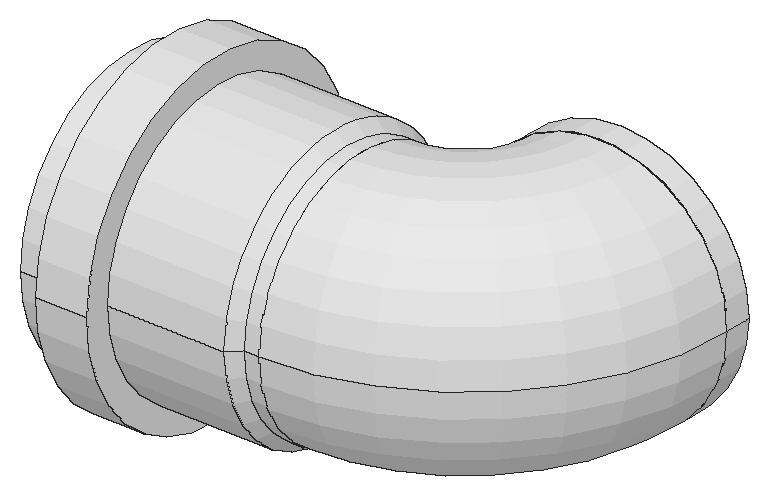
Revit family "Joelho_90_45", category Pipe Fittings, Revit 2025
Family settings
  Round Connector Dimension = Use Radius
  Part Type = Elbow
  Work Plane-Based = No
  Always vertical = Yes
  Cut with Voids When Loaded = No
  Shared = No
Parameters (values of type "Standard")
  Ângulo [instance] = 90.00°
  built-in parameter 1114242 [instance] = (empty or 0)
  URL = "http://www.tigre.com.br"
  Type Comments = ""
  Tigre: Sistema = "Esgoto"  # constant formula
  Tigre: Norma = ""
  Tigre: Material = "PVC Branco"  # constant formula
  Tigre: Marcador [instance] = "00"
  Tigre: Link do Produto = "http://www.tigre.com.br/pt/produtos_unico.php?rcr_id=4&cpr_id=10&cpr_id_pai=4&lnh_id=9&prd_id=705"
  Tigre: Linha = "Série Normal"  # constant formula
  Tigre: Fabricante = "© Tigre S/A"  # constant formula
  Tigre: Descrição [instance] = if(and(Diâmetro Nominal = 40.00 mm, Ângulo > 85.00°, Ângulo < 95.00°), "Joelho 90º 40mm, Esgoto Série Normal - TIGRE", if(and(Diâmetro Nominal = 50.00 mm, Ângulo > 85.00°, Ângulo < 95.00°), "Joelho 90º 50mm, Esgoto Série Normal - TIGRE", if(and(Diâmetro Nominal = 75.00 mm, Ângulo > 85.00°, Ângulo < 95.00°), "Joelho 90º 75mm, Esgoto Série Normal - TIGRE", if(and(Diâmetro Nominal = 100.00 mm, Ângulo > 85.00°, Ângulo < 95.00°), "Joelho 90º 100mm, Esgoto Série Normal - TIGRE", if(and(Diâmetro Nominal = 150.00 mm, Ângulo > 85.00°, Ângulo < 95.00°), "Joelho 90º 150mm, Esgoto Série Normal - TIGRE", if(and(Diâmetro Nominal = 200.00 mm, Ângulo > 85.00°, Ângulo < 95.00°), "Joelho 90º 200mm, Esgoto Série Normal - TIGRE", if(and(Diâmetro Nominal = 40.00 mm, Ângulo > 40.00°, Ângulo < 50.00°), "Joelho 45º 40mm, Esgoto Série Normal - TIGRE", if(and(Diâmetro Nominal = 50.00 mm, Ângulo > 40.00°, Ângulo < 50.00°), "Joelho 45º 50mm, Esgoto Série Normal - TIGRE", if(and(Diâmetro Nominal = 75.00 mm, Ângulo > 40.00°, Ângulo < 50.00°), "Joelho 45º 75mm, Esgoto Série Normal - TIGRE", if(and(Diâmetro Nominal = 100.00 mm, Ângulo > 40.00°, Ângulo < 50.00°), "Joelho 45º 100mm, Esgoto Série Normal - TIGRE", if(and(Diâmetro Nominal = 150.00 mm, Ângulo > 40.00°, Ângulo < 50.00°), "Joelho 45º 150mm, Esgoto Série Normal - TIGRE", if(and(Diâmetro Nominal = 200.00 mm, Ângulo > 40.00°, Ângulo < 50.00°), "Joelho 45º 200mm, Esgoto Série Normal - TIGRE", "Produto Inexistente"))))))))))))  # "Joelho 90º 50mm, Esgoto Série Normal - TIGRE"
  Tigre: Código com Separador [instance] = if(and(Diâmetro Nominal = 40.00 mm, Ângulo > 85.00°, Ângulo < 95.00°), "27.56.040.7", if(and(Diâmetro Nominal = 50.00 mm, Ângulo > 85.00°, Ângulo < 95.00°), "26.24.050.6", if(and(Diâmetro Nominal = 75.00 mm, Ângulo > 85.00°, Ângulo < 95.00°), "26.24.075.1", if(and(Diâmetro Nominal = 100.00 mm, Ângulo > 85.00°, Ângulo < 95.00°), "26.24.100.6", if(and(Diâmetro Nominal = 150.00 mm, Ângulo > 85.00°, Ângulo < 95.00°), "26.24.150.2", if(and(Diâmetro Nominal = 200.00 mm, Ângulo > 85.00°, Ângulo < 95.00°), "26.24.151.0", if(and(Diâmetro Nominal = 40.00 mm, Ângulo > 40.00°, Ângulo < 50.00°), "27.55.040.1", if(and(Diâmetro Nominal = 50.00 mm, Ângulo > 40.00°, Ângulo < 50.00°), "26.21.050.0", if(and(Diâmetro Nominal = 75.00 mm, Ângulo > 40.00°, Ângulo < 50.00°), "26.21.075.5", if(and(Diâmetro Nominal = 100.00 mm, Ângulo > 40.00°, Ângulo < 50.00°), "26.21.100.0", if(and(Diâmetro Nominal = 150.00 mm, Ângulo > 40.00°, Ângulo < 50.00°), "26.21.150.6", if(and(Diâmetro Nominal = 200.00 mm, Ângulo > 40.00°, Ângulo < 50.00°), "26.21.203.0", "Produto ou Código Inexistente"))))))))))))  # "26.24.050.6"
  Tigre: Código [instance] = if(and(Diâmetro Nominal = 40.00 mm, Ângulo > 85.00°, Ângulo < 95.00°), 27560407, if(and(Diâmetro Nominal = 50.00 mm, Ângulo > 85.00°, Ângulo < 95.00°), 26240506, if(and(Diâmetro Nominal = 75.00 mm, Ângulo > 85.00°, Ângulo < 95.00°), 26240751, if(and(Diâmetro Nominal = 100.00 mm, Ângulo > 85.00°, Ângulo < 95.00°), 26241006, if(and(Diâmetro Nominal = 150.00 mm, Ângulo > 85.00°, Ângulo < 95.00°), 26241502, if(and(Diâmetro Nominal = 200.00 mm, Ângulo > 85.00°, Ângulo < 95.00°), 26241510, if(and(Diâmetro Nominal = 40.00 mm, Ângulo > 40.00°, Ângulo < 50.00°), 27550401, if(and(Diâmetro Nominal = 50.00 mm, Ângulo > 40.00°, Ângulo < 50.00°), 26210500, if(and(Diâmetro Nominal = 75.00 mm, Ângulo > 40.00°, Ângulo < 50.00°), 26210755, if(and(Diâmetro Nominal = 100.00 mm, Ângulo > 40.00°, Ângulo < 50.00°), 26211000, if(and(Diâmetro Nominal = 150.00 mm, Ângulo > 40.00°, Ângulo < 50.00°), 26211506, if(and(Diâmetro Nominal = 200.00 mm, Ângulo > 40.00°, Ângulo < 50.00°), 26212030, 0))))))))))))  # 26240506
  Tigre: Comentários [instance] = ""
  Luva Esquerda [instance] = and(and(not(Ligação em Conexão), Bolsa Esquerda), not(Diâmetro Nominal = 40.00 mm))  # yes
  Luva Direita [instance] = and(and(not(Ligação em Conexão), Bolsa Direita), not(Diâmetro Nominal = 40.00 mm))  # no
  Lookup Table Name = "Joelho 45_90 - Serie Normal - Esgoto - MEP - Tigre"
  Linha Esquerda [instance] = and(Bolsa Esquerda, Ligação em Conexão)  # no
  Linha Direita [instance] = and(Bolsa Direita, Ligação em Conexão)  # no
  Ligação em Conexão [instance] = no
  Inverter Sentido da Luva [instance] = no
  Representação Unifilar [instance] = Diâmetro Nominal * 0.2  # 10 mm
  Raio da Bolsa [instance] = size_lookup(Lookup Table Name, "RaioB", 0.5515 * Diâmetro Nominal + 2.63 mm, Diâmetro Nominal)  # 32 mm
  Raio Nominal [instance] = 25 mm
  Raio Externo 3 [instance] = Diâmetro Externo 3 / 2  # 25 mm
  Raio Externo 2 [instance] = Diâmetro Externo 2 / 2  # 27 mm
  Raio Externo 1 [instance] = Diâmetro Externo 1 / 2  # 25 mm
  Raio Central [instance] = size_lookup(Lookup Table Name, "RCen", 0.5193 * Diâmetro Nominal + 0.10 mm, Diâmetro Nominal)  # 26 mm
  Model = ""
  Manufacturer = Tigre: Fabricante  # "© Tigre S/A"
  Loss Method = Not Defined
  K Coefficient Table = "Regular 45, 90 and 180 Elbow"
  Description = "Joelho 45º/90º, Esgoto Série Normal - TIGRE"
  Default Elevation = 0.00 mm
  Bolsa Esquerda [instance] = or(not(Bolsa Direita), Diâmetro Nominal = 40.00 mm)  # yes
  Bolsa Direita [instance] = or(Inverter Sentido da Luva, Diâmetro Nominal = 40.00 mm)  # no
  Anel Esquerdo [instance] = or(and(Bolsa Esquerda, Diâmetro Nominal > 40.00 mm))  # yes
  Anel Direito [instance] = or(and(Bolsa Direita, Diâmetro Nominal > 40.00 mm))  # no
  Ajuste Conector Esquerda [instance] = if(and(Bolsa Direita, Ligação em Conexão), Cota B, Cota B2 + Cota B3)  # 5.20 mm
  Ajuste Conector Direita [instance] = if(and(Bolsa Esquerda, Ligação em Conexão), Cota B, Cota B2 + Cota B3)  # 5.20 mm
  Acabamento [instance] = none
  Diâmetro Nominal [instance] = Raio Nominal * 2  # 50 mm
  Diâmetro Externo 3 [instance] = size_lookup(Lookup Table Name, "DE3", 0.9915 * Diâmetro Nominal + 1.30 mm, Diâmetro Nominal)  # 50 mm
  Diâmetro Externo 2 [instance] = size_lookup(Lookup Table Name, "DE2", 1.03 * Diâmetro Nominal + 2.16 mm, Diâmetro Nominal)  # 54 mm
  Diâmetro Externo 1 [instance] = size_lookup(Lookup Table Name, "DE1", Diâmetro Nominal, Diâmetro Nominal)  # 50 mm
  Cota C3 [instance] = size_lookup(Lookup Table Name, "CotC3", 0.0086 * Diâmetro Nominal + 0.73 mm, Diâmetro Nominal)  # 1.3 mm
  Cota C2 [instance] = size_lookup(Lookup Table Name, "CotC2", 0.0897 * Diâmetro Nominal + 2.72 mm, Diâmetro Nominal)  # 10 mm
  Cota C1 [instance] = size_lookup(Lookup Table Name, "CotC1", 0.119 * Diâmetro Nominal + 6.64 mm, Diâmetro Nominal)  # 17 mm
  Cota B3 [instance] = size_lookup(Lookup Table Name, "CotB3", 0.0183 * Diâmetro Nominal + 1.08 mm, Diâmetro Nominal)  # 2.2 mm
  Cota B2 [instance] = size_lookup(Lookup Table Name, "CotB2", 0.0361 * Diâmetro Nominal + 0.27 mm, Diâmetro Nominal)  # 3 mm
  Cota B1 [instance] = size_lookup(Lookup Table Name, "CotB1", 0.3051 * Diâmetro Nominal + 17.31 mm, Diâmetro Nominal)  # 40 mm
  Cota B [instance] = Cota B1 + Cota B2 + Cota B3  # 45.2 mm
  Centro a Face Externa [instance] = Raio Central * tan(Ângulo / 2)  # 26 mm
Reference planes
  plane 1 "Center (Front/Back)": y = 0
  plane 2: z = 0
  plane 3 "Center (Left/Right)": x = 0
  plane 4: y = 26
  plane 5: x = -26
Forms (mm)
  Sweep 1, solid, material "PVC", visible <- "Bolsa Esquerda", detail levels fine
    path in 3D
      loop
        line (-26, 0, 0) -> (-29, 0, 0)
    profile origin (-27.5, 0, 0) x (0, -1, 0) y (0, 0, 1)
      loop
        circle (0, 0) r 25
  SweptBlend 2, solid, material "PVC", visible <- "Bolsa Esquerda", detail levels fine
    path in 3D
      loop
        line (-29, 0, 0) -> (-31.2, 0, 0)
    profile origin (-29, 0, 0) x (0, -1, 0) y (0, 0, 1)
      loop
        circle (0, 0) r 25
    end profile origin (-31.2, 0, 0) x (0, -1, 0) y (0, 0, 1)
      loop
        circle (0, 0) r 27
  Sweep 3, solid, material "PVC", visible <- "Bolsa Esquerda", detail levels fine
    path in 3D
      loop
        line (-31.2, 0, 0) -> (-71.2, 0, 0)
    profile origin (-51.2, 0, 0) x (0, -1, 0) y (0, 0, 1)
      loop
        circle (0, 0) r 25
      loop
        circle (0, 0) r 27
  Sweep 4, solid, material "PVC", visible <- "Anel Esquerdo", detail levels fine
    path in 3D
      loop
        line (-54.2, 0, 0) -> (-64.2, 0, 0)
    profile origin (-59.2, 0, 0) x (0, -1, 0) y (0, 0, 1)
      loop
        circle (0, 0) r 27
      loop
        circle (0, 0) r 32
  SweptBlend 5, solid, material "PVC", visible <- "Anel Esquerdo", detail levels fine
    path in 3D
      loop
        line (-64.2, 0, 0) -> (-65.5, 0, 0)
    profile origin (-64.2, 0, 0) x (0, -1, 0) y (0, 0, 1)
      loop
        circle (0, 0) r 32
    end profile origin (-65.5, 0, 0) x (0, -1, 0) y (0, 0, 1)
      loop
        circle (0, 0) r 27
  Sweep 6, solid, material "PVC", visible <- "Bolsa Esquerda", detail levels fine
    path in 3D
      loop
        arc (-26, 0, 0) -> (-7.615, 7.615, 0) -> (0, 26, 0) r 26
    profile origin (-7.615, 7.615, 0) x (-0.707107, 0.707107, 0) y (0, 0, 1)
      loop
        circle (0, 0) r 25
  Sweep 7, solid, material "PVC", visible <- "Bolsa Direita", detail levels fine
    path in 3D
      loop
        line (0, 26, 0) -> (0, 29, 0)
    profile origin (0, 27.5, 0) x (-1, 0, 0) y (0, 0, 1)
      loop
        circle (0, 0) r 25
  SweptBlend 8, solid, material "PVC", visible <- "Bolsa Direita", detail levels fine
    path in 3D
      loop
        line (0, 29, 0) -> (0, 31.2, 0)
    profile origin (0, 29, 0) x (-1, 0, 0) y (0, 0, 1)
      loop
        circle (0, 0) r 25
    end profile origin (0, 31.2, 0) x (-1, 0, 0) y (0, 0, 1)
      loop
        circle (0, 0) r 27
  Sweep 9, solid, material "PVC", visible <- "Bolsa Direita", detail levels fine
    path in 3D
      loop
        line (0, 31.2, 0) -> (0, 71.2, 0)
    profile origin (0, 51.2, 0) x (-1, 0, 0) y (0, 0, 1)
      loop
        circle (0, 0) r 27
      loop
        circle (0, 0) r 25
  Sweep 10, solid, material "PVC", visible <- "Anel Direito", detail levels fine
    path in 3D
      loop
        line (0, 54.2, 0) -> (0, 64.2, 0)
    profile origin (0, 59.2, 0) x (-1, 0, 0) y (0, 0, 1)
      loop
        circle (0, 0) r 32
      loop
        circle (0, 0) r 27
  SweptBlend 11, solid, material "PVC", visible <- "Anel Direito", detail levels fine
    path in 3D
      loop
        line (0, 64.2, 0) -> (0, 65.5, 0)
    profile origin (0, 64.2, 0) x (-1, 0, 0) y (0, 0, 1)
      loop
        circle (0, 0) r 32
    end profile origin (0, 65.5, 0) x (-1, 0, 0) y (0, 0, 1)
      loop
        circle (0, 0) r 27
  Sweep 12, void
    path in 3D
      loop
        line (-64.2, 0, 0) -> (-65.5, 0, 0)
    profile origin (-64.85, 0, 0) x (0, -1, 0) y (0, 0, 1)
      loop
        circle (0, 0) r 27
  Sweep 13, void
    path in 3D
      loop
        line (0, 64.2, 0) -> (0, 65.5, 0)
    profile origin (0, 64.85, 0) x (-1, 0, 0) y (0, 0, 1)
      loop
        circle (0, 0) r 27
  Sweep 14, solid, material "PVC", visible <- "Bolsa Direita", detail levels fine
    path in 3D
      loop
        arc (-26, 0, 0) -> (-7.615, 7.615, 0) -> (0, 26, 0) r 26
    profile origin (-7.615, 7.615, 0) x (-0.707107, 0.707107, 0) y (0, 0, 1)
      loop
        circle (0, 0) r 25
  Sweep 15, solid, material "PVC", visible <- "Bolsa Direita", detail levels fine
    path origin (0, 0, 0) x (1, 0, 0) y (0, 1, 0)
      loop
        line (-31.2, 0) -> (-26, 0)
    profile origin (-28.6, 0, 0) x (0, 1, 0) y (0, 0, 1)
      loop
        circle (0, 0) r 25
  Sweep 16, solid, material "PVC", visible <- "Bolsa Esquerda", detail levels fine
    path origin (0, 0, 0) x (1, 0, 0) y (0, 1, 0)
      loop
        line (0, 26) -> (0, 31.2)
    profile origin (0, 28.6, 0) x (-1, 0, 0) y (0, 0, 1)
      loop
        circle (0, 0) r 25
Cuts and joins
  Sweep 12 cuts Sweep 4
  Sweep 12 cuts SweptBlend 5
  joined: Sweep 4, SweptBlend 5
  Sweep 13 cuts Sweep 7
  Sweep 13 cuts SweptBlend 8
  joined: Sweep 7, SweptBlend 8, Sweep 9, Sweep 14
  Sweep 13 cuts Sweep 10
  Sweep 13 cuts SweptBlend 11
  joined: Sweep 10, SweptBlend 11
  Sweep 13 cuts Sweep 6
  joined: Sweep 1, SweptBlend 2, Sweep 3, Sweep 6
Lines and regions (mm)
  reference lines
    curve 1: line (-26, 26, 0) -> (91.341, 26, 0)
  model lines, not visible, detail levels coarse+medium
    curve 2: arc (-26, 0, 0) -> (-7.615, 7.615, 0) -> (0, 26, 0) r 26
    curve 4: line (-26, 0, 0) -> (-29, 0, 0)
    curve 5: line (-29, 0, 0) -> (-31.2, 0, 0)
    curve 6: line (-31.2, 0, 0) -> (-71.2, 0, 0)
    curve 7: line (-71.2, 0, 0) -> (-54.2, 0, 0)
    curve 8: line (-54.2, 0, 0) -> (-64.2, 0, 0)
    curve 9: line (-64.2, 0, 0) -> (-65.5, 0, 0)
    curve 17: line (0, 26, 0) -> (0, 29, 0)
    curve 18: line (0, 29, 0) -> (0, 31.2, 0)
    curve 19: line (0, 31.2, 0) -> (0, 71.2, 0)
    curve 20: line (0, 71.2, 0) -> (0, 54.2, 0)
    curve 21: line (0, 54.2, 0) -> (0, 64.2, 0)
    curve 22: line (0, 64.2, 0) -> (0, 65.5, 0)
  model lines, detail levels coarse+medium
    curve 3: line (0, 0, 0) -> (0, 26, 0)
    curve 15: line (-25.8, 0, 0) -> (-26, 0, 0)
    curve 31: line (0, 0, 0) -> (-26, 0, 0)
    curve 32: line (0, 0, 0) -> (-71.2, 0, 0)
    curve 33: line (0, 71.2, 0) -> (0, 0, 0)
    curve 34: line (-31.2, 10, 0) -> (-31.2, -10, 0)
    curve 35: line (0, 31.2, 0) -> (-10, 31.2, 0)
    curve 36: line (0, 31.2, 0) -> (10, 31.2, 0)
  sketch lines
    curve 10: line (-26, 0, 0) -> (-29, 0, 0)
    curve 11: line (-29, 0, 0) -> (-31.2, 0, 0)
    curve 12: line (-31.2, 0, 0) -> (-71.2, 0, 0)
    curve 13: line (-54.2, 0, 0) -> (-64.2, 0, 0)
    curve 14: line (-64.2, 0, 0) -> (-65.5, 0, 0)
    curve 16: arc (-26, 0, 0) -> (-7.615, 7.615, 0) -> (0, 26, 0) r 26
    curve 23: line (0, 26, 0) -> (0, 29, 0)
    curve 24: line (0, 29, 0) -> (0, 31.2, 0)
    curve 25: line (0, 31.2, 0) -> (0, 71.2, 0)
    curve 26: line (0, 54.2, 0) -> (0, 64.2, 0)
    curve 27: line (0, 64.2, 0) -> (0, 65.5, 0)
    curve 28: line (-64.2, 0, 0) -> (-65.5, 0, 0)
    curve 29: line (0, 64.2, 0) -> (0, 65.5, 0)
    curve 30: arc (-26, 0, 0) -> (-7.615, 7.615, 0) -> (0, 26, 0) r 26
Dimensions and locks
  "Centro a Face Externa": plane 5 to plane 3 "Center (Left/Right)"
  "Raio Central": plane 4 to plane 1 "Center (Front/Back)"
  "Cota B2": curve 4 to plane 5
  "Cota B3": curve 5 to curve 5
  "Cota B1": curve 6 to curve 6
  "Cota C1": curve 7 to curve 7
  "Cota C2": curve 8 to curve 8
  "Cota C3": curve 9 to curve 9
  "Cota B2": curve 1 to curve 17
  "Cota B3": curve 18 to curve 18
  "Cota B1": curve 19 to curve 19
  "Cota C1": curve 20 to curve 20
  "Cota C2": curve 21 to curve 21
  "Cota C3": curve 22 to curve 22
  curve 7 to plane 3 "Center (Left/Right)" = 71.20 mm
  "Ajuste Conector Esquerda": Sweep 15 sketch curve to plane 5
  "Ajuste Conector Direita": curve 1 to Sweep 16 sketch curve
  "Cota B": curve 17 to curve 33
  equal spacing: curve 34, plane 1 "Center (Front/Back)", curve 34
  "Representação Unifilar": plane 1 "Center (Front/Back)" to curve 34
  equal spacing: curve 36, curve 18, curve 35
  "Representação Unifilar": curve 18 to curve 35
  "Raio Externo 1": radius of Sweep 1 sketch curve
  "Raio Externo 2": radius of SweptBlend 2 sketch curve
  "Raio Nominal": radius of Sweep 3 sketch curve
  "Raio Externo 2": radius of Sweep 3 sketch curve
  "Raio da Bolsa": radius of Sweep 4 sketch curve
  "Raio Externo 1": radius of Sweep 6 sketch curve
  "Raio Central": radius of curve 2
  "Raio Externo 1": radius of Sweep 7 sketch curve
  "Raio Externo 1": radius of SweptBlend 8 sketch curve
  "Raio Externo 2": radius of SweptBlend 8 sketch curve
  "Raio da Bolsa": radius of Sweep 10 sketch curve
  "Raio Nominal": radius of Sweep 9 sketch curve
  "Raio Externo 1": radius of Sweep 14 sketch curve
  "Raio Externo 2": radius of Sweep 13 sketch curve
  "Raio Nominal": radius of Sweep 15 sketch curve
  "Raio Nominal": radius of Sweep 16 sketch curve
  "Ângulo": angle plane 5 to curve 1
  locked: curve 1 to curve 17 (angle 90.00°)
  locked: curve 1 to curve 18 (angle 90.00°)
  locked: curve 1 to curve 19 (angle 90.00°)
  locked: curve 1 to curve 20 (angle 90.00°)
  locked: curve 1 to curve 21 (angle 90.00°)
  locked: curve 1 to curve 22 (angle 90.00°)
  "Ângulo": angle plane 1 "Center (Front/Back)" to curve 3
  locked: curve 1 to Sweep 16 sketch curve (angle 90.00°)
  locked: curve 1 to curve 33 (angle 90.00°)
  locked: curve 36 to curve 18 (angle 90.00°)
  locked: curve 35 to curve 18 (angle 90.00°)
  aligned and locked: plane 4 to curve 1
  aligned and locked: plane 5 to curve 1
  aligned and locked: plane 5 to curve 2
  aligned and locked: curve 1 to curve 2
  aligned and locked: plane 1 "Center (Front/Back)" to curve 2
  aligned and locked: plane 1 "Center (Front/Back)" to curve 3
  aligned and locked: SweptBlend 2 sketch curve to Sweep 1  (x2)
  aligned and locked: Sweep 4 sketch curve to Sweep 3  (x2)
  aligned and locked: SweptBlend 5 sketch curve to Sweep 4  (x2)
  aligned and locked: SweptBlend 5 sketch curve to Sweep 3  (x2)
  aligned and locked: Sweep 9 sketch curve to SweptBlend 8  (x2)
  aligned and locked: Sweep 10 sketch curve to Sweep 9  (x2)
  aligned and locked: SweptBlend 11 sketch curve to Sweep 10  (x2)
  aligned and locked: SweptBlend 11 sketch curve to Sweep 9  (x2)
  aligned and locked: Sweep 12 sketch curve to Sweep 3  (x2)
  aligned and locked: plane 5 to Sweep 15 sketch curve
  aligned and locked: plane 1 "Center (Front/Back)" to Sweep 15 sketch curve
  aligned and locked: curve 1 to Sweep 16 sketch curve
  aligned and locked: Sweep 16 sketch curve to curve 19
  aligned and locked: curve 34 to curve 5
Automatic sketch dimensions
  Sweep 1 sketch curve to profile plane = 0.00 mm  (x2)
  SweptBlend 2 sketch curve to profile plane = 0.00 mm  (x2)
  Sweep 3 sketch curve to Sweep 3 sketch curve = 0.00 mm  (x2)
  Sweep 3 sketch curve to profile plane = 0.00 mm  (x2)
  Sweep 4 sketch curve to Sweep 4 sketch curve = 0.00 mm  (x2)
  Sweep 6 sketch curve to profile plane = 0.00 mm
  profile plane to Sweep 6 sketch curve = 0.00 mm
  Sweep 7 sketch curve to profile plane = 0.00 mm  (x2)
  SweptBlend 8 sketch curve to profile plane = 0.00 mm  (x4)
  Sweep 10 sketch curve to profile plane = 0.00 mm  (x2)
  Sweep 9 sketch curve to Sweep 9 sketch curve = 0.00 mm  (x2)
  Sweep 14 sketch curve to profile plane = 0.00 mm
  profile plane to Sweep 14 sketch curve = 0.00 mm
  Sweep 13 sketch curve to profile plane = 0.00 mm
  profile plane to Sweep 13 sketch curve = 0.00 mm
  Sweep 15 sketch curve to level = 0.00 mm
  Sweep 15 sketch curve to profile plane = 0.00 mm
  Sweep 16 sketch curve to level = 0.00 mm
  Sweep 16 sketch curve to profile plane = 0.00 mm
  curve 32 to curve 6 = 0.00 mm
  curve 4 to curve 15 = 0.20 mm
Connectors
  piping at (-31.2, 0, 0), diameter 50, driven by "Raio Nominal", driven by "Ângulo"
    settings: on Sweep 15, index 1, connector inside diameter 50 mm, connector length 0.00 mm, flow factor 0, pipe flow 0.0 L/s, pressure drop 0.0 Pa, fitting loss kfactor 0, connector angle 90.00°, fixture units 0, engagement length 0.00 mm, angle of deflection 0.00°, flow configuration 0, flow direction 0, fitting loss method 0, system type 28, joint type 0, gender type 0, connector reference index 2, connector utility 0, adjustable connector no, is connector primary yes, connector description ""
  piping at (0, 31.2, 0), diameter 50, driven by "Raio Nominal", driven by "Ângulo"
    settings: on Sweep 16, index 2, connector inside diameter 50 mm, connector length 0.00 mm, flow factor 0, pipe flow 0.0 L/s, pressure drop 0.0 Pa, fitting loss kfactor 0, connector angle 90.00°, fixture units 0, engagement length 0.00 mm, angle of deflection 0.00°, flow configuration 0, flow direction 0, fitting loss method 0, system type 28, joint type 0, gender type 0, connector reference index 1, connector utility 0, adjustable connector no, is connector primary no, connector description ""
